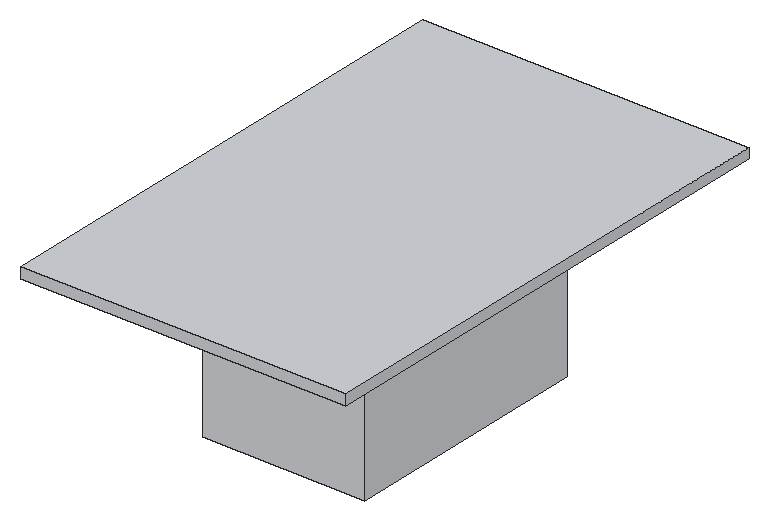
Revit family "27bfdc2182174279a3b2fe3d7bae2490", category Lighting Devices, host Face, Revit 2021
Family settings
  Host = Face
  Maintain Annotation Orientation = Yes
  Round Connector Dimension = Use Diameter
  Part Type = Switch
  OmniClass Number = 23.85.80.11.27
  OmniClass Title = Lighting Controls
  Seek Item ID = Wall Occupancy Sensor - Dual Relay-0000-USA-ENU
  Cut with Voids When Loaded = No
  Shared = No
  Room Calculation Point = No
Parameters (values of type "Ultrasonic - 277 V")
  Width 1 = 2 * Sensor Width  # 0' - 3 67/128"
  Sensor Voltage = 277 V
  Sensor Number of Poles = 1
  Sensor Material = none
  Load Classification = Other
  Length 1 = 2 * Sensor Length  # 0' - 5 59/128"
  Height 1 = 1 / 16 * Sensor Height  # 0' - 0.11426"
  Default Elevation = 4' - 0"
  Sensor Width = 0' - 1 195/256"
  Cover Material = none
  Sensor Length = 0' - 2 187/256"
  Sensor Height = 0' - 1 53/64"
  Apparent Load = 0 VA
Types (7): name | Sensor Voltage
  (no name) | 277 V
  Passive Infrared - 120 V | 120 V
  Ultrasonic - 120 V | 120 V
  Dual Technology - 120 V | 120 V
  Passive Infrared - 277 V | 277 V
  Ultrasonic - 277 V | 277 V
  Dual Technology - 277 V | 277 V
Reference planes (in)
  plane 1 "Center (Front/Back)": y = 0
  plane 2: z = 0
  plane 3 "Center (Left/Right)": x = 0
  plane 4: x = -0.88086
  plane 5: x = 0.88086
  plane 6: x = -1.76172
  plane 7: x = 1.76172
  plane 8: z = -1.82813
  plane 9: z = 0.11426
  plane 10: y = -2.73047
  plane 11: y = -1.36523
  plane 12: y = -5.46094
  plane 13: y = -4.0957
Forms (in)
  Extrusion 1, solid, material <- "Sensor Material"
    sketch origin (0, 0, 0) x (1, 0, 0) y (0, 1, 0)
      loop
        line (-0.88086, -1.36523) -> (-0.88086, -4.0957) -> (0.88086, -4.0957) -> (0.88086, -1.36523) -> (-0.88086, -1.36523)
    from -1.82813 to 0
  Extrusion 2, solid, material <- "Cover Material"
    sketch origin (0, 0, 0) x (1, 0, 0) y (0, 1, 0)
      loop
        line (-1.76172, 0) -> (-1.76172, -5.46094) -> (1.76172, -5.46094) -> (1.76172, 0) -> (-1.76172, 0)
    from 0 to 0.11426
Lines and regions (in)
  symbolic lines, detail levels fine
    curve 1: line (-1.76172, 0, 0.11426) -> (1.76172, 0, 0.11426)
    curve 2: line (1.76172, 0, 0.11426) -> (1.76172, 0, 0)
    curve 3: line (1.76172, 0, 0) -> (-1.76172, 0, 0)
    curve 4: line (-1.76172, 0, 0) -> (-1.76172, 0, 0.11426)
    curve 5: line (-0.88086, 0, 0) -> (-0.88086, 0, -1.82813)
    curve 6: line (-0.88086, 0, -1.82813) -> (0.88086, 0, -1.82813)
    curve 7: line (0.88086, 0, -1.82813) -> (0.88086, 0, 0)
Dimensions and locks (in)
  "Sensor Width": plane 4 to plane 5
  equal spacing: plane 4, plane 3 "Center (Left/Right)", plane 5
  equal spacing: plane 6, plane 3 "Center (Left/Right)", plane 7
  "Width 1": plane 6 to plane 7
  "Sensor Height": plane 2 to plane 8
  "Height 1": plane 9 to plane 2
  "Length 1": plane 12 to plane 1 "Center (Front/Back)"
  equal spacing: plane 12, plane 10, plane 1 "Center (Front/Back)"
  equal spacing: plane 11, plane 10, plane 13
  "Sensor Length": plane 11 to plane 13
  aligned and locked: plane 2 to host face
  aligned and locked: level to host face
  aligned and locked: plane 4 to Extrusion 1 sketch curve  (x2)
  aligned and locked: plane 5 to Extrusion 1 sketch curve
  aligned and locked: plane 6 to Extrusion 2 sketch curve  (x2)
  aligned and locked: plane 7 to Extrusion 2 sketch curve
  aligned and locked: plane 8 to Extrusion 1
  aligned and locked: plane 2 to Extrusion 1
  aligned and locked: Extrusion 2 to plane 2
  aligned and locked: Extrusion 2 to plane 9
  aligned and locked: plane 9 to curve 1
  aligned and locked: plane 2 to curve 3
  aligned and locked: plane 7 to curve 3
  aligned and locked: plane 6 to curve 4
  aligned and locked: curve 5 to plane 4
  aligned and locked: curve 7 to plane 5
  aligned and locked: plane 8 to curve 6
  aligned and locked: Extrusion 2 to plane 1 "Center (Front/Back)"
  aligned and locked: Extrusion 2 to plane 12
  aligned and locked: Extrusion 2 to plane 7
  aligned and locked: Extrusion 2 to plane 6
  aligned and locked: plane 1 "Center (Front/Back)" to Extrusion 2 sketch curve
  aligned and locked: plane 12 to Extrusion 2 sketch curve
  aligned and locked: Extrusion 1 sketch curve to plane 11
  aligned and locked: Extrusion 1 sketch curve to plane 13
  aligned and locked: nested 1 to plane 10
  aligned and locked: plane 3 "Center (Left/Right)" to nested 1
Automatic sketch dimensions
  host sketch curve to host sketch curve = 8' - 0"  (x2)
Nested families (in)
  nested 1: "Wall Occupancy Sensor Annotation" at (0, -2.73047, 0), type "Wall Occupancy Sensor Annotation", detail levels coarse+medium
Connectors (in)
  electrical at (0, -2.73047, 0), driven by "Apparent Load", driven by "Sensor Voltage", driven by "Sensor Number of Poles", driven by "Load Classification"
    settings: on Extrusion 1, index 1, voltage 277 V, apparent load 0 VA, apparent load phase1 0 VA, apparent load phase2 0 VA, apparent load phase3 0 VA, power factor 1, load classification "Other", number of poles 1, system type 31, power factor state 1, is connector primary yes, connector utility no, sub classification motor no, connector description ""
  electrical at (0, -2.73047, -1.82813)
    settings: on Extrusion 1, index 2, voltage 0 V, apparent load 0 VA, apparent load phase1 0 VA, apparent load phase2 0 VA, apparent load phase3 0 VA, power factor 1, load classification "Other", number of poles 1, system type 13, power factor state 1, is connector primary no, connector utility no, sub classification motor no, connector description ""
Definition of nested family "Wall Occupancy Sensor Annotation"
  Parameters
    Label = "T"
  Reference planes (in)
    plane 1: y = 0
    plane 2: x = 0
  Lines and regions (in)
    detail lines
      curve 1: line (0, 0.125, 0) -> (0, 0, 0)
      curve 3: arc (0.01506, 0.11153, 0) -> (-0.02442, 0.09683, 0) -> (0, 0.0625, 0) r 0.02655
      curve 4: arc (0, 0.0625, 0) -> (0.01543, 0.02147, 0) -> (-0.02827, 0.02483, 0) r 0.02599
    reference lines
      curve 2: line (0, 0.0625, 0) -> (-0.11983, 0.0625, 0)
      curve 5: line (0.10095, -0.04722, 0) -> (0.10095, 0.09386, 0)
      curve 6: line (0.10095, -0.04722, 0) -> (0.28349, -0.04722, 0)
      curve 7: line (0.10095, 0.04579, 0) -> (0.31014, 0.04579, 0)
  Text (in)
    label "2" at (0.06269, -0.00499, 0), shows "Label"
  Dimensions and locks (in)
    locked: curve 6 to curve 7 at 0.09301
    locked: curve 1 to curve 5 at 0.10095
    locked: curve 1 to curve 1 at 0.125
    locked: plane 1 to curve 2 at 0.0625
    aligned and locked: curve 1 to curve 2
    aligned and locked: curve 3 to curve 2
    aligned and locked: curve 4 to curve 2
    aligned and locked: plane 1 to curve 1
    aligned and locked: curve 1 to plane 2
    aligned and locked: plane 2 to curve 1
